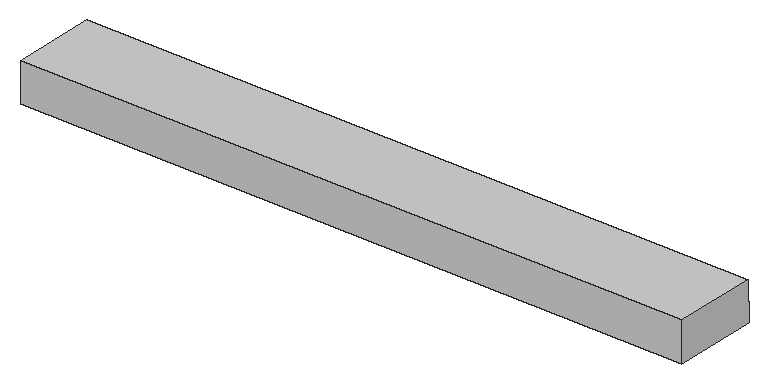
Revit family "Lum_Teto_Tubular_2_Sobrepor", category Lighting Fixtures, host Ceiling, Revit 2025
Family settings
  Host = Ceiling
  Round Connector Dimension = Use Diameter
  Part Type = Normal
  OmniClass Number = 23.80.70.11
  OmniClass Title = Luminaries for Internal Lighting
  Always vertical = Yes
  Cut with Voids When Loaded = No
  Light Source = Yes
  Maintain Annotation Orientation = No
  Shared = No
  Room Calculation Point = No
Parameters (values of type "Luminária_Tubular_Sobrepor_2_Lâmpadas")
  Wattage = 9.2903 W
  built-in parameter 1150110 = 1 (stored number, unit not read)
  built-in parameter 1114217 = 1 (stored number, unit not read)
  built-in parameter 1150109 = 1 (stored number, unit not read)
  Lumi_Material = Material_Corpo_Luminaria
  Lumi_Largura_Interna = Lumi_Largura - 10 mm  # 140 mm
  Lumi_Largura = 150 mm
  Lumi_Comprimento = 1200 mm
  Lumi_Altura = 70 mm
  Emit from Line Length = Lumi_Comprimento - 200 mm  # 1000 mm
  Default Elevation = 0 mm
  built-in parameter 1150134 = (empty or 0)
  built-in parameter 1150113 = 1 (stored number, unit not read)
  Lumens = 1380 lm
  built-in parameter 1150115 = 1 (stored number, unit not read)
  built-in parameter 1150105 = 439.27 (stored number, unit not read)
  Light Source Symbol Size = Lumi_Largura - 20 mm  # 130 mm
  built-in parameter 1150137 = (empty or 0)
  built-in parameter 1150139 = (empty or 0)
  built-in parameter 1150112 = 1 (stored number, unit not read)
  built-in parameter 1150114 = 1 (stored number, unit not read)
  built-in parameter 1150132 = 2
  built-in parameter 1150102 = (empty or 0)
  built-in parameter 1150138 = (empty or 0)
  built-in parameter 1150107 = 3000 (stored number, unit not read)
  built-in parameter 1150106 = 4.3927 (stored number, unit not read)
  built-in parameter 1150104 = 13.8 (stored number, unit not read)
  Dimming Lamp Color Temperature Shift = <None>
  Color Filter = 16777215
  built-in parameter 1114218 = 1 (stored number, unit not read)
  built-in parameter 1150133 = 10 (stored number, unit not read)
Reference planes
  plane 1 "Eixo de origem da luz (F/T)": y = 0
  plane 2: z = 0
  plane 3 "Eixo de origem da luz (E/D)": x = 0
  plane 4 "Forro": z = 4000
  plane 5 "Elevação da origem da luz": z = 3930
  plane 6 "Tubo_E": x = -500
  plane 7 "Tubo_D": x = 500
  plane 8: y = 43.668
  plane 9: y = -43.668
Forms (mm)
  Extrusion 1, solid, material "Material_Corpo_Luminaria" <- "Lumi_Material"
    sketch origin (0, 0, 4000) x (0, 1, 0) y (-1, 0, 0)
      loop
        line (75, 600) -> (-75, 600) -> (-75, -600) -> (75, -600) -> (75, 600)
    from 0 to -70
  Extrusion 2, void
    sketch origin (500, 0, 0) x (0, 1, 0) y (0, 0, 1)
      loop
        line (-70, 3923.108) -> (70, 3923.108) -> (70, 3946.252)
        arc (70, 3946.252) -> (-0.033, 3972.222) -> (-70, 3946.072) r 107.045
        line (-70, 3946.072) -> (-70, 3923.108)
    from 0 to -1000
Cuts and joins
  Extrusion 2 cuts Extrusion 1
Dimensions and locks
  equal spacing: host sketch curve, plane 3 "Eixo de origem da luz (E/D)", host sketch curve
  equal spacing: host sketch curve, plane 1 "Eixo de origem da luz (F/T)", host sketch curve
  host sketch curve to host sketch curve = 4000 mm  (x2)
  plane 4 "Forro" to host ceiling = 0 mm
  equal spacing: Extrusion 1 sketch curve, plane 3 "Eixo de origem da luz (E/D)", Extrusion 1 sketch curve
  equal spacing: Extrusion 1 sketch curve, plane 1 "Eixo de origem da luz (F/T)", Extrusion 1 sketch curve
  "Lumi_Largura": Extrusion 1 sketch curve to Extrusion 1 sketch curve
  "Lumi_Comprimento": Extrusion 1 sketch curve to Extrusion 1 sketch curve
  "Lumi_Altura": plane 5 "Elevação da origem da luz" to plane 4 "Forro"
  equal spacing: plane 6 "Tubo_E", plane 3 "Eixo de origem da luz (E/D)", plane 7 "Tubo_D"
  "Emit from Line Length": plane 6 "Tubo_E" to plane 7 "Tubo_D"
  equal spacing: Extrusion 2 sketch curve, plane 1 "Eixo de origem da luz (F/T)", Extrusion 2 sketch curve
  "Lumi_Largura_Interna": Extrusion 2 to Extrusion 2
  equal spacing: plane 8, plane 1 "Eixo de origem da luz (F/T)", plane 9
  aligned and locked: plane 5 "Elevação da origem da luz" to Extrusion 1
  aligned and locked: imposter light to plane 1 "Eixo de origem da luz (F/T)"
  aligned and locked: Extrusion 2 to plane 6 "Tubo_E"
Automatic sketch dimensions
  plane 5 "Elevação da origem da luz" to Extrusion 2 sketch curve = 6.892 mm
  Extrusion 2 sketch curve to plane 1 "Eixo de origem da luz (F/T)" = 0.104 mm
  plane 5 "Elevação da origem da luz" to Extrusion 2 sketch curve = 64.822 mm
  plane 1 "Eixo de origem da luz (F/T)" to Extrusion 2 sketch curve = 70 mm
  Extrusion 2 sketch curve to plane 5 "Elevação da origem da luz" = 16.072 mm
